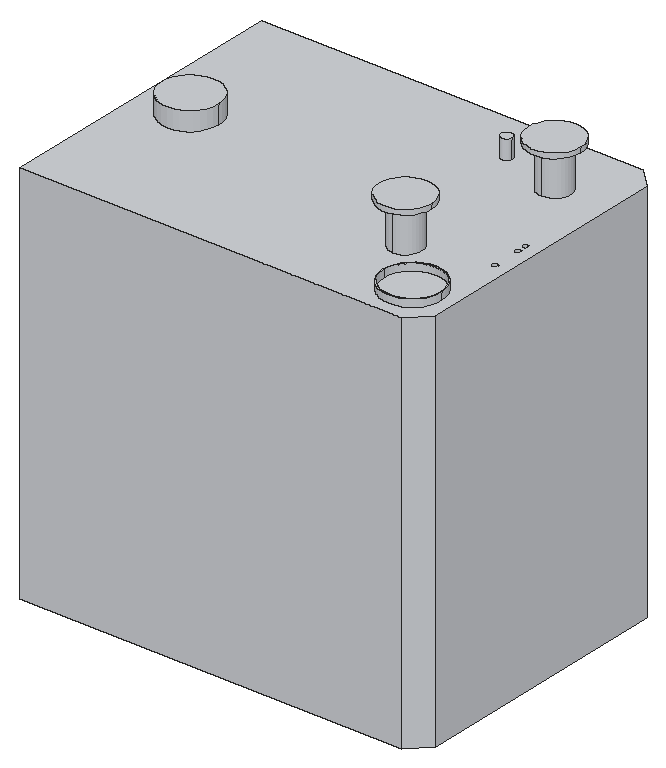
Revit family "Arctic Boiler 3500-6000", category Mechanical Equipment, Revit 2018
Family settings
  Round Connector Dimension = Use Diameter
  Part Type = Normal
  OmniClass Number = 23.75.00.00
  OmniClass Title = Climate Control (HVAC)
  Work Plane-Based = No
  Always vertical = Yes
  Cut with Voids When Loaded = No
  Shared = No
  Room Calculation Point = No
Parameters (values of type "ARC4000")
  Width = 63 1/4"
  Hydronic Return Location = 11 3/8"
  Length = 84"
  Hydronic Supply Location = 18 5/8"
  Height = 81"
  Voltage = ""
  Vent = "12\" EZ Vent"
  Stack Location = 10 3/8"
  Stack Dia. = 12"
  Manufacturer = "Bryan Steam"  # constant formula
  Hydronic Supply = "6\" Pipe Flange Class 150"
  Hydronic Return = "6\" Pipe Flange Class 150"
  Gas Train Location = 24 1/8"
  Gas Train = "2\" NPT"
  Electrical Knockouts = "3/4\" Conduit"
  Condensate Drain = "1\" NPT"
  Boiler Drain = "1\" NPT"
  Air Supply Location From Left Side = 8 5/8"
  Air Supply Location From Front = 8 5/8"
  Air Supply Dia. = 12"
  Air Supply Angle Ring Dia. = 12 3/8"
  Air Supply = "12\""
Types (3): name | Hydronic Return Location | Length | Hydronic Supply Location | Vent | Stack Location | Stack Dia. | Gas Train Location | Air Supply Location From Left Side | Air Supply Location From Front | Air Supply Dia. | Air Supply Angle Ring Dia. | Air Supply
  (no name) | 11 3/8" | 84" | 18 5/8" | "12\" EZ Vent" | 10 3/8" | 12" | 24 1/8" | 8 5/8" | 8 5/8" | 12" | 12 3/8" | "12\""
  ARC4000 | 11 3/8" | 84" | 18 5/8" | "12\" EZ Vent" | 10 3/8" | 12" | 24 1/8" | 8 5/8" | 8 5/8" | 12" | 12 3/8" | "12\""
  ARC6000 | 15 1/8" | 102" | 22 3/8" | "14\" EZ Vent" | 11 3/8" | 14" | 27 7/8" | 9 5/8" | 9 5/8" | 14" | 14 3/8" | "14\""
Reference planes (in)
  plane 1 "Center (Front/Back)": y = 0
  plane 2: z = 0
  plane 3 "Center (Left/Right)": x = 0
Forms (in)
  Extrusion 1, solid
    sketch origin (0, 0, 0) x (1, 0, 0) y (0, 1, 0)
      loop
        line (-42, 31.625) -> (-42, -31.625) -> (42, -31.625) -> (42, 31.625) -> (-42, 31.625)
    from 0 to 81
  Extrusion 2, void
    sketch origin (0, 0, 0) x (1, 0, 0) y (0, 1, 0)
      loop
        line (42, 31.625) -> (38, 31.625) -> (42, 27.625) -> (42, 31.625)
      loop
        line (42, -31.625) -> (42, -27.625) -> (38, -31.625) -> (42, -31.625)
    from 0 to 81 <- "Height"
  Extrusion 3, solid
    sketch origin (-5.87725, -2.88263, 0) x (1, 0, 0) y (0, 1, 0)
      loop
        circle (-25.74775, 2.88263) r 6
    from 81 <- "Height" to 84.89844
  Extrusion 4, solid
    sketch origin (0, 0, 81) x (1, 0, 0) y (0, 1, 0)
      loop
        circle (17.875, 21.125) r 1.1875
    from 0 to 3.89844
  Extrusion 5, solid
    sketch origin (0, 0, 81) x (1, 0, 0) y (0, 1, 0)
      loop
        circle (33.375, -23) r 6
      loop
        circle (33.375, -23) r 6.1875
    from 0 to 1.5
  Extrusion 6, solid
    sketch origin (0, 0, 81) x (1, 0, 0) y (0, 1, 0)
      loop
        circle (23.375, -12.25) r 5.5
      loop
        circle (30.625, 17.75) r 5.5
    from 0 to 9.69922
  Extrusion 7, void
    sketch origin (0, 0, 81) x (0, 1, 0) y (1, 0, 0)
      loop
        circle (17.75, 30.625) r 3.3125
      loop
        circle (-12.25, 23.375) r 3.3125
      loop
        circle (-12.25, 23.375) r 5.5
      loop
        circle (17.75, 30.625) r 5.5
    from 0 to -8.69922
  Extrusion 8, void
    sketch origin (0, 0, 81) x (0, 1, 0) y (1, 0, 0)
      loop
        circle (-0.435, 39.132) r 0.555
      loop
        circle (-2.435, 39.132) r 0.555
      loop
        circle (-8.505, 39.132) r 0.555
    from 0 to 1
  Extrusion 9, solid
    sketch origin (-42, -31.625, 0) x (0, 1, 0) y (0, 0, -1)
      loop
        circle (4.875, -9.25) r 0.658
      loop
        circle (31.625, -5.75) r 0.658
    from 0 to 1.9375
Cuts and joins
  Extrusion 2, Extrusion 7, Extrusion 8 cuts Extrusion 1
  Extrusion 7 cuts Extrusion 6
Dimensions and locks (in)
  "Height": Extrusion 1 to level
  equal spacing: Extrusion 1 sketch curve, plane 3 "Center (Left/Right)", Extrusion 1 sketch curve
  "Length": Extrusion 1 sketch curve to Extrusion 1 sketch curve
  equal spacing: Extrusion 1 sketch curve, plane 1 "Center (Front/Back)", Extrusion 1 sketch curve
  "Width": Extrusion 1 sketch curve to Extrusion 1 sketch curve
  locked: Extrusion 2 sketch curve to Extrusion 2 sketch curve at 4  (x2)
  "Stack Location": cut or joined group of Extrusion 1, Extrusion 2, Extrusion 7, Extrusion 8 to Extrusion 3 sketch curve
  "Gas Train Location": Extrusion 4 sketch curve to cut or joined group of Extrusion 1, Extrusion 2, Extrusion 7, Extrusion 8
  locked: cut or joined group of Extrusion 1, Extrusion 2, Extrusion 7, Extrusion 8 to Extrusion 4 sketch curve at 10.5
  "Air Supply Location From Front": Extrusion 5 sketch curve to cut or joined group of Extrusion 1, Extrusion 2, Extrusion 7, Extrusion 8  (x2)
  "Air Supply Location From Left Side": cut or joined group of Extrusion 1, Extrusion 2, Extrusion 7, Extrusion 8 to Extrusion 5 sketch curve  (x2)
  "Hydronic Supply Location": Extrusion 6 sketch curve to cut or joined group of Extrusion 1, Extrusion 2, Extrusion 7, Extrusion 8
  locked: cut or joined group of Extrusion 1, Extrusion 2, Extrusion 7, Extrusion 8 to Extrusion 6 sketch curve at 19.375
  locked: cut or joined group of Extrusion 1, Extrusion 2, Extrusion 7, Extrusion 8 to Extrusion 6 sketch curve at 49.375
  locked: cut or joined group of Extrusion 1, Extrusion 2, Extrusion 7, Extrusion 8 to Extrusion 7 sketch curve at 19.375  (x2)
  locked: cut or joined group of Extrusion 1, Extrusion 2, Extrusion 7, Extrusion 8 to Extrusion 7 sketch curve at 49.375  (x2)
  "Hydronic Return Location": cut or joined group of Extrusion 1, Extrusion 2, Extrusion 7, Extrusion 8 to Extrusion 7 sketch curve  (x2)
  locked: cut or joined group of Extrusion 1, Extrusion 2, Extrusion 7, Extrusion 8 to Extrusion 8 sketch curve at 2.868  (x3)
  locked: cut or joined group of Extrusion 1, Extrusion 2, Extrusion 7, Extrusion 8 to Extrusion 8 sketch curve at 23.12
  locked: cut or joined group of Extrusion 1, Extrusion 2, Extrusion 7, Extrusion 8 to Extrusion 8 sketch curve at 29.19
  locked: cut or joined group of Extrusion 1, Extrusion 2, Extrusion 7, Extrusion 8 to Extrusion 8 sketch curve at 31.19
  locked: cut or joined group of Extrusion 1, Extrusion 2, Extrusion 7, Extrusion 8 to Extrusion 9 sketch curve at 9.25
  locked: Extrusion 9 sketch curve to cut or joined group of Extrusion 1, Extrusion 2, Extrusion 7, Extrusion 8 at 4.875
  locked: cut or joined group of Extrusion 1, Extrusion 2, Extrusion 7, Extrusion 8 to Extrusion 9 sketch curve at 31.625
  locked: cut or joined group of Extrusion 1, Extrusion 2, Extrusion 7, Extrusion 8 to Extrusion 9 sketch curve at 5.75
  "Hydronic Return Location": Extrusion 6 sketch curve to cut or joined group of Extrusion 1, Extrusion 2, Extrusion 7, Extrusion 8
  "Hydronic Supply Location": cut or joined group of Extrusion 1, Extrusion 2, Extrusion 7, Extrusion 8 to Extrusion 7 sketch curve  (x2)
  locked: cut or joined group of Extrusion 1, Extrusion 2, Extrusion 7, Extrusion 8 to Extrusion 3 sketch curve at 31.625
  "Stack Dia.": diameter of Extrusion 3 sketch curve
  "Air Supply Dia.": diameter of Extrusion 5 sketch curve
  "Air Supply Angle Ring Dia.": diameter of Extrusion 5 sketch curve
  aligned and locked: level to plane 2
  aligned and locked: cut or joined group of Extrusion 1, Extrusion 2, Extrusion 7, Extrusion 8 to Extrusion 2 sketch curve  (x2)
  aligned and locked: Extrusion 2 sketch curve to cut or joined group of Extrusion 1, Extrusion 2, Extrusion 7, Extrusion 8  (x2)
Automatic sketch dimensions
  Extrusion 2 sketch curve to Extrusion 2 sketch curve = 4"  (x2)
  radius of Extrusion 4 sketch curve = 1 3/16"
  radius of Extrusion 6 sketch curve = 5 1/2"  (x2)
  radius of Extrusion 8 sketch curve = 0.555"  (x3)
  radius of Extrusion 9 sketch curve = 0.658"  (x2)
  radius of Extrusion 7 sketch curve = 3 5/16"  (x2)
  radius of Extrusion 7 sketch curve = 5 1/2"  (x2)
Connectors (in)
  piping at (17.875, 21.125, 84.89844), diameter 2
    settings: on Extrusion 4, index 3, connector inside diameter 24", connector length 0", flow factor 0, pipe flow 0 GPM, pressure drop 0.00 psi, fitting loss kfactor 0, connector angle 0.00°, fixture units 0, engagement length 0", angle of deflection 0.00°, flow configuration 0, flow direction 1, fitting loss method 0, system type 22, joint type 0, gender type 0, connector reference index -1, connector utility 0, adjustable connector no, is connector primary yes, connector description ""
  piping at (23.375, -12.25, 90.69922), diameter 6
    settings: on cut or joined group of Extrusion 6, Extrusion 7, index 8, connector inside diameter 24", connector length 0", flow factor 0, pipe flow 0 GPM, pressure drop 0.00 psi, fitting loss kfactor 0, connector angle 0.00°, fixture units 0, engagement length 0", angle of deflection 0.00°, flow configuration 0, flow direction 2, fitting loss method 0, system type 7, joint type 0, gender type 0, connector reference index -1, connector utility 0, adjustable connector no, is connector primary no, connector description ""
  piping at (30.625, 17.75, 90.69922), diameter 6
    settings: on cut or joined group of Extrusion 6, Extrusion 7, index 9, connector inside diameter 24", connector length 0", flow factor 0, pipe flow 0 GPM, pressure drop 0.00 psi, fitting loss kfactor 0, connector angle 0.00°, fixture units 0, engagement length 0", angle of deflection 0.00°, flow configuration 0, flow direction 1, fitting loss method 0, system type 8, joint type 0, gender type 0, connector reference index -1, connector utility 0, adjustable connector no, is connector primary no, connector description ""
  piping at (-43.9375, -26.75, 9.25), diameter 1
    settings: on Extrusion 9, index 10, connector inside diameter 24", connector length 0", flow factor 0, pipe flow 0 GPM, pressure drop 0.00 psi, fitting loss kfactor 0, connector angle 0.00°, fixture units 0, engagement length 0", angle of deflection 0.00°, flow configuration 0, flow direction 2, fitting loss method 0, system type 22, joint type 0, gender type 0, connector reference index -1, connector utility 0, adjustable connector no, is connector primary no, connector description ""
  piping at (-43.9375, 0, 5.75), diameter 1
    settings: on Extrusion 9, index 11, connector inside diameter 24", connector length 0", flow factor 0, pipe flow 0 GPM, pressure drop 0.00 psi, fitting loss kfactor 0, connector angle 0.00°, fixture units 0, engagement length 0", angle of deflection 0.00°, flow configuration 0, flow direction 2, fitting loss method 0, system type 22, joint type 0, gender type 0, connector reference index -1, connector utility 0, adjustable connector no, is connector primary no, connector description ""
  cabletrayconduit at (39.132, -0.435, 81), diameter 0.75
    settings: on cut or joined group of Extrusion 1, Extrusion 2, Extrusion 7, Extrusion 8, index 12, connector width 12", connector height 12", connector angle 0.00°, system type 32, placement type 0, profile type 0, connector reference index -1, is primary connector yes, connector utility param no, connector description ""
  cabletrayconduit at (39.132, -2.435, 81), diameter 0.75
    settings: on cut or joined group of Extrusion 1, Extrusion 2, Extrusion 7, Extrusion 8, index 13, connector width 12", connector height 12", connector angle 0.00°, system type 32, placement type 0, profile type 0, connector reference index -1, is primary connector no, connector utility param no, connector description ""
  cabletrayconduit at (39.132, -8.505, 81), diameter 0.75
    settings: on cut or joined group of Extrusion 1, Extrusion 2, Extrusion 7, Extrusion 8, index 14, connector width 12", connector height 12", connector angle 0.00°, system type 32, placement type 0, profile type 0, connector reference index -1, is primary connector no, connector utility param no, connector description ""
  hvac at (33.375, -23, 82.5), driven by "Air Supply Dia."
    settings: on Extrusion 5, index 15, duct flow 0 CFM, flow factor 0, pres drop 0.00 in-wg, loss coef 0, conn angle 0.00°, conn width 12", conn height 12", conn diameter 12", duct sys type 1, conn prof type 0, flow config 0, flow direction 1, loss method 0, conn ref index -1, conn util no, is conn primary yes, conn desc ""
  hvac at (-31.625, 0, 84.89844), driven by "Stack Dia."
    settings: on Extrusion 3, index 16, duct flow 0 CFM, flow factor 0, pres drop 0.00 in-wg, loss coef 0, conn angle 0.00°, conn width 12", conn height 12", conn diameter 12", duct sys type 3, conn prof type 0, flow config 0, flow direction 2, loss method 0, conn ref index -1, conn util no, is conn primary no, conn desc ""
